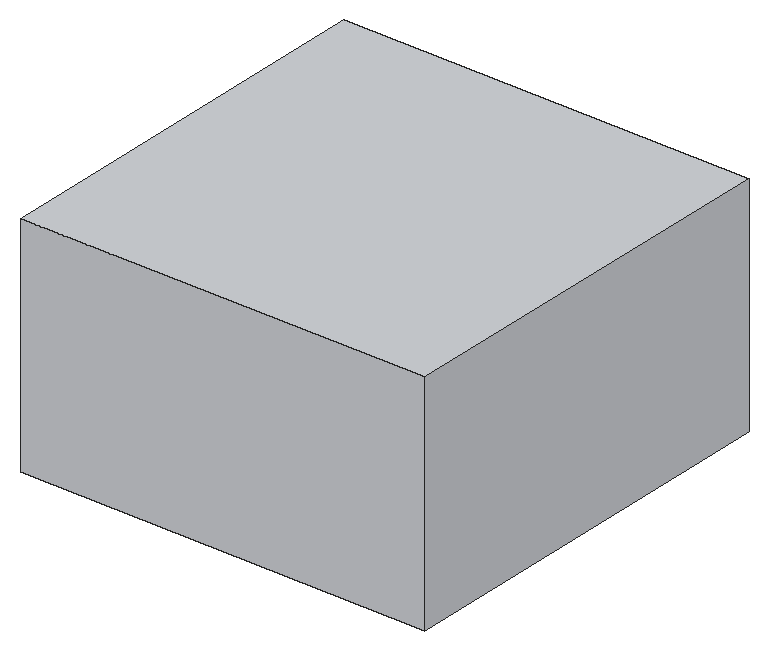
Revit family "42419065a15441639102566df99b7a86", category Conduit Fittings, Revit 2026
Family settings
  Round Connector Dimension = Use Radius
  Part Type = Cross
  Seek Item ID = Conduit Junction Box - Cross - PVC-0000-CAN-ENU
  Work Plane-Based = No
  Always vertical = Yes
  Cut with Voids When Loaded = No
  Shared = No
Parameters (values of type "Standard")
  Width [instance] = Length  # 114 mm
  Nominal Radius 4 [instance] = 8 mm
  Nominal Radius 3 [instance] = 8 mm
  Nominal Radius 2 [instance] = 8 mm
  Nominal Radius 1 [instance] = 8 mm
  Nominal Diameter 4 [instance] = Nominal Radius 4 * 2  # 16 mm
  Nominal Diameter 3 [instance] = Nominal Radius 3 * 2  # 16 mm
  Nominal Diameter 2 [instance] = Nominal Radius 2 * 2  # 16 mm
  Nominal Diameter 1 [instance] = Nominal Radius 1 * 2  # 16 mm
  Max Nominal Diameter 34 [instance] = if(Nominal Diameter 3 > Nominal Diameter 4, Nominal Diameter 3, Nominal Diameter 4)  # 16 mm
  Max Nominal Diameter 1234 [instance] = if(Max Nominal Diameter 12 > Max Nominal Diameter 34, Max Nominal Diameter 12, Max Nominal Diameter 34)  # 16 mm
  Max Nominal Diameter 12 [instance] = if(Nominal Diameter 1 > Nominal Diameter 2, Nominal Diameter 1, Nominal Diameter 2)  # 16 mm
  Height [instance] = if(not(Max Nominal Diameter 1234 > 27 mm), 64 mm, if(Max Nominal Diameter 1234 < 155 mm, 152 mm, Max Nominal Diameter 1234 * 1.2))  # 64 mm
  Length [instance] = if(not(Max Nominal Diameter 1234 > 27 mm), 114 mm, 6 * Max Nominal Diameter 1234)  # 114 mm
  Default Elevation = 0 mm
Reference planes
  plane 1 "Center (Front/Back)": y = 0
  plane 2: z = 0
  plane 3 "Center (Left/Right)": x = 0
  plane 4: x = -57
  plane 5: x = 57
  plane 6: y = 57
  plane 7: y = -57
  plane 8: z = 32
  plane 9: z = -32
Forms (mm)
  Extrusion 1, solid
    sketch origin (0, 0, 0) x (1, 0, 0) y (0, 1, 0)
      loop
        line (-57, 57) -> (-57, -57) -> (57, -57) -> (57, 57) -> (-57, 57)
    from -32 to 32
Dimensions and locks
  equal spacing: plane 4, plane 3 "Center (Left/Right)", plane 5
  "Length": plane 4 to plane 5
  equal spacing: plane 6, plane 1 "Center (Front/Back)", plane 7
  "Width": plane 6 to plane 7
  equal spacing: plane 8, plane 2, plane 9
  "Height": plane 8 to plane 9
  aligned and locked: Extrusion 1 sketch curve to plane 6
  aligned and locked: plane 4 to Extrusion 1 sketch curve
  aligned and locked: plane 7 to Extrusion 1 sketch curve
  aligned and locked: Extrusion 1 sketch curve to plane 5
  aligned and locked: Extrusion 1 to plane 9
  aligned and locked: plane 8 to Extrusion 1
Connectors
  cabletrayconduit at (-57, 0, 0), diameter 16, driven by "Nominal Radius 1"
    settings: on Extrusion 1, index 1, connector width 304.8 mm, connector height 304.8 mm, connector angle 0.00°, system type 32, placement type 0, profile type 0, connector reference index 2, is primary connector yes, connector utility param no, connector description ""
  cabletrayconduit at (57, 0, 0), diameter 16, driven by "Nominal Radius 2"
    settings: on Extrusion 1, index 2, connector width 304.8 mm, connector height 304.8 mm, connector angle 0.00°, system type 32, placement type 0, profile type 0, connector reference index 1, is primary connector no, connector utility param no, connector description ""
  cabletrayconduit at (0, -57, 0), diameter 16, driven by "Nominal Radius 3"
    settings: on Extrusion 1, index 3, connector width 304.8 mm, connector height 304.8 mm, connector angle 0.00°, system type 32, placement type 0, profile type 0, connector reference index 4, is primary connector no, connector utility param no, connector description ""
  cabletrayconduit at (0, 57, 0), diameter 16, driven by "Nominal Radius 4"
    settings: on Extrusion 1, index 4, connector width 304.8 mm, connector height 304.8 mm, connector angle 0.00°, system type 32, placement type 0, profile type 0, connector reference index 3, is primary connector no, connector utility param no, connector description ""
